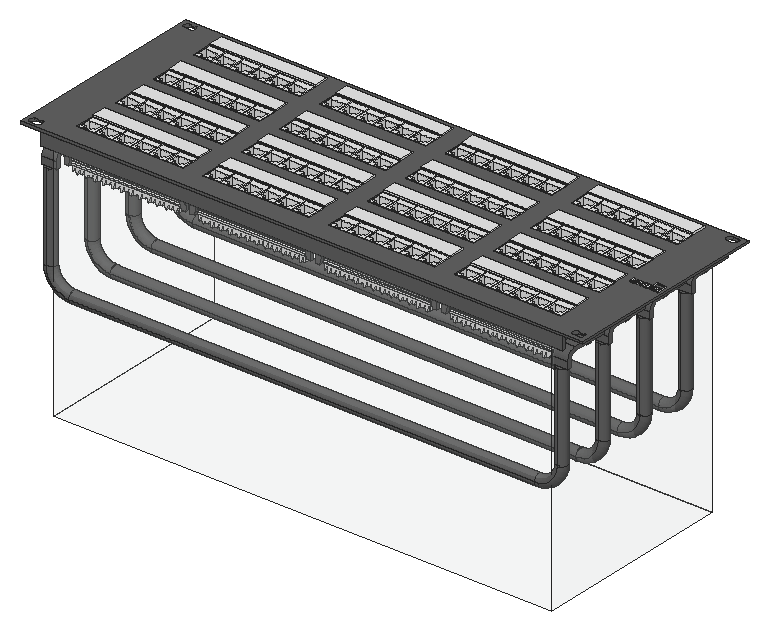
Revit family "Data_Device-Network-Leviton-Patch_Panel-Flat-110_Style", category Data Devices, host Face, Revit 2018 (continued)
Definition of nested family "Data_Device-Network-Leviton-Connector-Copper-110_Style"
  Definition of nested family "Data_Device-Network-Leviton-QuickPort-Connector-Copper"
    Automatic sketch dimensions
      Extrusion 23 sketch curve to plane 19 = 0.05000"
      Extrusion 24 sketch curve to plane 23 = 0.00000"
      Extrusion 24 sketch curve to plane 25 = 0.00000"
      Extrusion 24 sketch curve to plane 24 = 0.00000"
      plane 19 to Extrusion 24 sketch curve = 0.08000"
      Extrusion 24 sketch curve to plane 19 = 0.05000"
      Extrusion 25 sketch curve to plane 23 = 0.00000"
      Extrusion 25 sketch curve to plane 25 = 0.00000"
      Extrusion 25 sketch curve to plane 24 = 0.00000"
      plane 19 to Extrusion 25 sketch curve = 0.08000"
      Extrusion 25 sketch curve to plane 19 = 0.05000"
      Extrusion 26 sketch curve to plane 23 = 0.00000"
      Extrusion 26 sketch curve to plane 25 = 0.00000"
      Extrusion 26 sketch curve to plane 24 = 0.00000"
      plane 19 to Extrusion 26 sketch curve = 0.08000"
      Extrusion 26 sketch curve to plane 19 = 0.05000"
      Extrusion 27 sketch curve to plane 23 = 0.00000"
      Extrusion 27 sketch curve to plane 25 = 0.00000"
      Extrusion 27 sketch curve to plane 24 = 0.00000"
      plane 19 to Extrusion 27 sketch curve = 0.08000"
      Extrusion 27 sketch curve to plane 19 = 0.05000"
      Extrusion 28 sketch curve to plane 23 = 0.00000"
      Extrusion 28 sketch curve to plane 25 = 0.00000"
      Extrusion 28 sketch curve to plane 24 = 0.00000"
      plane 19 to Extrusion 28 sketch curve = 0.08000"
      Extrusion 28 sketch curve to plane 19 = 0.05000"
      Extrusion 29 sketch curve to plane 23 = 0.00000"
      Extrusion 29 sketch curve to plane 25 = 0.00000"
      Extrusion 29 sketch curve to plane 24 = 0.00000"
      plane 19 to Extrusion 29 sketch curve = 0.08000"
      Extrusion 29 sketch curve to plane 19 = 0.05000"
      Extrusion 30 sketch curve to plane 4 "Back" = 0.00000"
      Extrusion 30 sketch curve to plane 23 = 0.00000"
      Extrusion 30 sketch curve to plane 1 "Explode" = 0.07200"
      Extrusion 30 sketch curve to plane 19 = 0.05000"
      Extrusion 33 sketch curve to plane 23 = 0.00000"
      Extrusion 34 sketch curve to plane 17 = 0.05300"
      Extrusion 34 sketch curve to Extrusion 34 sketch curve = 0.11050"
      Extrusion 34 sketch curve to plane 1 "Explode" = 0.02200"
      Extrusion 34 sketch curve to Extrusion 34 sketch curve = 0.04400"  (x2)
      plane 3 "Center (Left/Right)" to Extrusion 34 sketch curve = 0.08000"
      plane 18 to Extrusion 34 sketch curve = 0.05300"
      Extrusion 34 sketch curve to Extrusion 34 sketch curve = 0.05000"  (x2)
      Extrusion 34 sketch curve to Extrusion 34 sketch curve = 0.07800"  (x2)
      plane 20 to Extrusion 34 sketch curve = 0.09650"
      Extrusion 33 sketch curve to plane 4 "Back" = 0.00000"
      Extrusion 16 sketch curve to plane 4 "Back" = 0.00000"
      Extrusion 17 sketch curve to plane 4 "Back" = 0.00000"
      Extrusion 18 sketch curve to plane 4 "Back" = 0.00000"
      Extrusion 19 sketch curve to plane 4 "Back" = 0.00000"
      Extrusion 20 sketch curve to plane 4 "Back" = 0.00000"
      Extrusion 21 sketch curve to plane 4 "Back" = 0.00000"
      Extrusion 22 sketch curve to plane 4 "Back" = 0.00000"
      Extrusion 23 sketch curve to plane 4 "Back" = 0.00000"
      Extrusion 24 sketch curve to plane 4 "Back" = 0.00000"
      Extrusion 25 sketch curve to plane 4 "Back" = 0.00000"
      Extrusion 26 sketch curve to plane 4 "Back" = 0.00000"
      Extrusion 27 sketch curve to plane 4 "Back" = 0.00000"
      Extrusion 28 sketch curve to plane 4 "Back" = 0.00000"
      Extrusion 29 sketch curve to plane 4 "Back" = 0.00000"
      Extrusion 31 sketch curve to plane 1 "Explode" = 0.00000"
      Extrusion 31 sketch curve to plane 4 "Back" = 0.00000"
Definition of nested family "Levinton-Logo"
  Parameters (values of type "Levinton-Logo")
    Height = 0.64500"
    Default Elevation = 48.00000"
  Reference planes (in)
    plane 1 "Center (Front/Back)": y = 0
    plane 2: z = 0
    plane 3 "Center (Left/Right)": x = 0
    plane 4: x = -0.47832
    plane 5: x = 0.47832
    plane 6 "Logo Bottom": z = -0.01563
    plane 7: y = 0.33993
    plane 8: y = 0.16996
  Forms (in)
    Extrusion 1, solid
      sketch origin (0, 0, -0.01563) x (-1, 0, 0) y (0, -1, 0)
        loop
          line (0.37208, -0.04145) -> (0.43368, -0.04145) -> (0.43368, -0.16616) -> (0.47832, -0.16616) -> (0.47832, 0) -> (0.37208, 0) -> (0.37208, -0.04145)
        loop
          line (0.23363, -0.16616) -> (0.35056, -0.16616) -> (0.35056, 0) -> (0.23363, 0) -> (0.23363, -0.04145) -> (0.30592, -0.04145) -> (0.30592, -0.1247) -> (0.23363, -0.1247) -> (0.23363, -0.16616)
        loop
          line (0.2121, -0.16616) -> (0.15875, 0) -> (0.10602, 0) -> (0.05266, -0.16616) -> (0.10037, -0.16616) -> (0.13238, -0.06378) -> (0.1644, -0.16616) -> (0.2121, -0.16616)
        loop
          line (-0.01351, 0) -> (-0.01351, -0.16616) -> (0.03114, -0.16616) -> (0.03114, 0) -> (-0.01351, 0)
        loop
          line (-0.07341, -0.1247) -> (-0.07341, 0) -> (-0.11805, 0) -> (-0.11805, -0.11799) -> (-0.15632, -0.11799) -> (-0.15632, -0.07972)
          arc (-0.15632, -0.07972) -> (-0.17967, -0.02335) -> (-0.23604, 0) r 0.07972
          line (-0.23604, 0) -> (-0.47832, 0) -> (-0.47832, -0.33993) -> (-0.15632, -0.33993) -> (-0.15632, -0.16616) -> (-0.03514, -0.16616) -> (-0.03514, -0.1247) -> (-0.07341, -0.1247)
        loop
          arc (-0.16474, -0.11538) -> (-0.29241, -0.13609) -> (-0.27169, -0.00842) r 0.07972
          line (-0.27169, -0.00842) -> (-0.33821, -0.00842) -> (-0.33821, -0.16616) -> (-0.37422, -0.16616) -> (-0.43368, -0.07972) -> (-0.43368, -0.16616) -> (-0.4699, -0.16616) -> (-0.4699, -0.33151) -> (-0.16474, -0.33151) -> (-0.16474, -0.11538)
        loop
          circle (-0.23604, -0.07972) r 0.03827
        loop
          line (-0.38285, -0.07972) -> (-0.38285, -0.00842) -> (-0.43575, -0.00842) -> (-0.38285, -0.07972)
      from 0 to 0.03125
    Extrusion 2, solid
      sketch origin (0, 0, -0.01563) x (-1, 0, 0) y (0, -1, 0)
        loop
          line (0.25372, -0.07049) -> (0.25372, -0.10238) -> (0.30592, -0.10238) -> (0.30592, -0.07049) -> (0.25372, -0.07049)
      from 0 to 0.03125
  Cuts and joins
    joined: Extrusion 1, Extrusion 2
  Dimensions and locks (in)
    plane 4 to plane 3 "Center (Left/Right)" to plane 5 = 0.47832" locked, 0.47832" locked
    locked: plane 2 to plane 6 "Logo Bottom" at 0.01562
    equal spacing: plane 7, plane 8, plane 1 "Center (Front/Back)"
    locked: plane 7 to plane 1 "Center (Front/Back)" at 0.33993
  Automatic sketch dimensions
    Extrusion 2 sketch curve to plane 8 = 0.06758"
    plane 4 to Extrusion 2 sketch curve = 0.22460"
    Extrusion 2 sketch curve to Extrusion 2 sketch curve = 0.05220"
    Extrusion 2 sketch curve to Extrusion 2 sketch curve = 0.03189"
    Extrusion 1 sketch curve to Extrusion 1 sketch curve = 0.00000"  (x13)
    Extrusion 1 sketch curve to plane 5 = 0.00000"
    plane 1 "Center (Front/Back)" to Extrusion 1 sketch curve = 0.00000"  (x6)
    Extrusion 1 sketch curve to plane 7 = 0.00000"
    Extrusion 1 sketch curve to plane 4 = 0.00000"
    Extrusion 1 sketch curve to plane 8 = 0.00381"  (x8)
    Extrusion 1 sketch curve to plane 5 = 0.00842"
    Extrusion 1 sketch curve to plane 1 "Center (Front/Back)" = 0.00842"  (x2)
    Extrusion 1 sketch curve to plane 5 = 0.04257"
    Extrusion 1 sketch curve to Extrusion 1 sketch curve = 0.03622"
    Extrusion 1 sketch curve to Extrusion 1 sketch curve = 0.05083"
    Extrusion 1 sketch curve to Extrusion 1 sketch curve = 0.05946"
    Extrusion 1 sketch curve to Extrusion 1 sketch curve = 0.03602"
    Extrusion 1 sketch curve to Extrusion 1 sketch curve = 0.06651"
    Extrusion 1 sketch curve to Extrusion 1 sketch curve = 0.03566"
    Extrusion 1 sketch curve to plane 7 = 0.00842"
    plane 3 "Center (Left/Right)" to Extrusion 1 sketch curve = 0.16474"
    Extrusion 1 sketch curve to Extrusion 1 sketch curve = 0.00842"  (x2)
    Extrusion 1 sketch curve to Extrusion 1 sketch curve = 0.03827"  (x2)
    Extrusion 1 sketch curve to Extrusion 1 sketch curve = 0.04464"  (x2)
    plane 3 "Center (Left/Right)" to Extrusion 1 sketch curve = 0.03514"
    plane 3 "Center (Left/Right)" to Extrusion 1 sketch curve = 0.01351"
    Extrusion 1 sketch curve to plane 3 "Center (Left/Right)" = 0.03114"
    Extrusion 1 sketch curve to Extrusion 1 sketch curve = 0.02152"  (x3)
    Extrusion 1 sketch curve to Extrusion 1 sketch curve = 0.04771"  (x2)
    Extrusion 1 sketch curve to Extrusion 1 sketch curve = 0.07488"  (x2)
    Extrusion 1 sketch curve to plane 1 "Center (Front/Back)" = 0.06378"
    Extrusion 1 sketch curve to Extrusion 1 sketch curve = 0.02636"
    Extrusion 1 sketch curve to Extrusion 1 sketch curve = 0.05273"
    Extrusion 1 sketch curve to Extrusion 1 sketch curve = 0.06403"
    Extrusion 1 sketch curve to Extrusion 1 sketch curve = 0.07229"
    plane 4 to Extrusion 1 sketch curve = 0.04464"
    Extrusion 1 sketch curve to Extrusion 1 sketch curve = 0.04145"
    Extrusion 1 sketch curve to plane 8 = 0.04526"
    Extrusion 1 sketch curve to Extrusion 1 sketch curve = 0.00261"
    Extrusion 1 sketch curve to Extrusion 1 sketch curve = 0.07130"
    Extrusion 1 sketch curve to plane 1 "Center (Front/Back)" = 0.04145"  (x2)
Definition of nested family "Cable Management Bar"
  Parameters (values of type "Cable Management Bar")
    z Tube Bar [instance] = Height = 4.25000"  # yes
    z Support Width [instance] = if(Height = 4.25000", 0.50000", 0.37500")  # 0.50000"
    z Rectagular Bar [instance] = not(z Tube Bar)  # no
    Width = 17.25000"  # constant formula
    Manufacturer = "Leviton"  # constant formula
    Height [instance] = 4.25000"
    Default Elevation = 48.00000"
  Reference planes (in)
    plane 1 "Center (Front/Back)": y = 0
    plane 2: z = 0
    plane 3 "Center (Left/Right)": x = 0
    plane 4: z = -4.25
    plane 5: x = -8.625
    plane 6: x = 8.625
    plane 7: z = -0.56
    plane 8: x = -8.875
    plane 9: x = -8.375
    plane 10: x = 8.875
    plane 11: x = 8.375
    plane 12: y = -0.06226
    plane 13: y = 0.06226
    plane 14: y = 1.45
  Forms (in)
    Sweep 1, solid, visible <- "z Tube Bar"
      path origin (0, 0, 0) x (1, 0, 0) y (0, 0, 1)
        loop
          line (-8.625, -0.56) -> (-8.625, -3.487)
          arc (-8.625, -3.487) -> (-8.40152, -4.02652) -> (-7.862, -4.25) r 0.763
          line (-7.862, -4.25) -> (7.862, -4.25)
          arc (7.862, -4.25) -> (8.40152, -4.02652) -> (8.625, -3.487) r 0.763
          line (8.625, -3.487) -> (8.625, -0.56)
      profile origin (-8.625, 0, -2.0235) x (0, -1, 0) y (1, 0, 0)
        loop
          circle (0, 0) r 0.19
    Extrusion 2, solid
      sketch origin (0, 0, 0) x (0, 1, 0) y (0, 0, 1)
        loop
          line (1.45, 0) -> (0.24974, 0)
          arc (0.24974, 0) -> (0.02912, -0.09138) -> (-0.06226, -0.312) r 0.312
          line (-0.06226, -0.312) -> (-0.06226, -0.56) -> (0.06274, -0.56) -> (0.06274, -0.312)
          arc (0.06274, -0.312) -> (0.11751, -0.17977) -> (0.24974, -0.125) r 0.187
          line (0.24974, -0.125) -> (1.45, -0.125) -> (1.45, 0)
      from -8.875 to 8.875
    Extrusion 3, void
      sketch origin (0, 0, 0) x (1, 0, 0) y (0, 1, 0)
        loop
          line (-8.375, 1.8) -> (-8.375, -0.5) -> (8.375, -0.5) -> (8.375, 1.8) -> (-8.375, 1.8)
      from 0 to -0.56
    Extrusion 4, solid, visible <- "z Rectagular Bar"
      sketch origin (0, 0, 0) x (1, 0, 0) y (0, 0, 1)
        loop
          line (-8.875, -0.56) -> (-8.875, -4.5) -> (8.875, -4.5) -> (8.875, -0.56) -> (8.375, -0.56) -> (8.375, -4) -> (-8.375, -4) -> (-8.375, -0.56) -> (-8.875, -0.56)
      from -0.06226 to 0.06226
  Cuts and joins
    Extrusion 3 cuts Extrusion 2
  Dimensions and locks (in)
    "Height": plane 2 to plane 4
    equal spacing: plane 6, plane 3 "Center (Left/Right)", plane 5
    "Width": plane 6 to plane 5
    locked: plane 2 to plane 7 at 0.56
    Extrusion 3 sketch curve to plane 1 "Center (Front/Back)" to Extrusion 3 sketch curve = 0.50000" locked, 1.80000" locked
    equal spacing: plane 9, plane 5, plane 8
    "z Support Width": plane 9 to plane 8
    equal spacing: plane 11, plane 6, plane 10
    "z Support Width": plane 11 to plane 10
    equal spacing: plane 13, plane 1 "Center (Front/Back)", plane 12
    locked: plane 13 to plane 12 at 0.12452
    equal spacing: Extrusion 4 sketch curve, plane 4, Extrusion 4 sketch curve
    locked: Extrusion 4 sketch curve to Extrusion 4 sketch curve at 0.5
    plane 14 to plane 1 "Center (Front/Back)" = 1.45000"
    diameter of Sweep 1 sketch curve = 0.38000"
    aligned and locked: plane 2 to level
    aligned and locked: plane 7 to Sweep 1 sketch curve  (x2)
    aligned and locked: plane 5 to Sweep 1 sketch curve
    aligned and locked: plane 1 "Center (Front/Back)" to Sweep 1 sketch curve
    aligned and locked: plane 2 to Extrusion 2 sketch curve
    aligned and locked: plane 7 to Extrusion 2 sketch curve
    aligned and locked: Extrusion 2 to plane 8
    aligned and locked: Extrusion 2 to plane 10
    aligned and locked: Extrusion 3 to plane 7
    aligned and locked: Extrusion 4 sketch curve to plane 8
    aligned and locked: Extrusion 4 sketch curve to plane 9
    aligned and locked: plane 11 to Extrusion 4 sketch curve
    aligned and locked: plane 10 to Extrusion 4 sketch curve
    aligned and locked: Extrusion 4 sketch curve to plane 7  (x2)
    aligned and locked: Extrusion 4 to plane 13
    aligned and locked: plane 12 to Extrusion 4
    aligned and locked: cut or joined group of Extrusion 2, Extrusion 3 to plane 14
  Automatic sketch dimensions
    Sweep 1 sketch curve to plane 5 = 0.00000"
    Sweep 1 sketch curve to plane 4 = 0.00000"
    Sweep 1 sketch curve to plane 6 = 0.00000"
    plane 5 to Sweep 1 sketch curve = 0.76300"
    Sweep 1 sketch curve to Sweep 1 sketch curve = 0.76300"
    Extrusion 2 sketch curve to Extrusion 2 sketch curve = 0.00000"  (x2)
    Extrusion 2 sketch curve to plane 1 "Center (Front/Back)" = 0.06274"
    Extrusion 2 sketch curve to plane 1 "Center (Front/Back)" = 0.24974"
    Extrusion 2 sketch curve to Extrusion 2 sketch curve = 1.20026"
    plane 1 "Center (Front/Back)" to Extrusion 2 sketch curve = 0.06226"
    Extrusion 3 sketch curve to plane 9 = 0.00000"
    Extrusion 3 sketch curve to plane 11 = 0.00000"
Definition of nested family "Back Connection"
  Parameters (values of type "Back Connection")
    Width = 4.20000"
    Manufacturer = "Leviton"
    Depth [instance] = 0.56540"
    Default Elevation = 48.00000"
  Reference planes (in)
    plane 1 "Center (Front/Back)": y = 0
    plane 2: z = 0
    plane 3 "Center (Left/Right)": x = 0
    plane 4: x = -2.1
    plane 5: x = 2.1
    plane 6: x = -1.8
    plane 7: x = 1.8
    plane 8: y = 0.81
    plane 9: y = -0.69
    plane 10: z = 0.5654
    plane 11: x = -2.04234
    plane 12: x = 2.04234
  Forms (in)
    Extrusion 1, solid
      sketch origin (0, 0, 0) x (0, 1, 0) y (0, 0, 1)
        loop
          line (0.81, -0.062) -> (0.81, 0) -> (-0.69, 0) -> (-0.69, -0.062) -> (-0.56498, -0.062) -> (-0.56498, -0.28278) -> (-0.52848, -0.346) -> (-0.56498, -0.3825) -> (-0.56498, -0.43356) -> (-0.52998, -0.441) -> (-0.52998, -0.696) -> (-0.35998, -0.696) -> (-0.35998, -0.441) -> (-0.32498, -0.43356) -> (-0.32498, -0.3825) -> (-0.36148, -0.346) -> (-0.32498, -0.28278) -> (-0.32498, -0.062) -> (0.48502, -0.062) -> (0.48502, -0.28278) -> (0.52152, -0.346) -> (0.48502, -0.3825) -> (0.48502, -0.43356) -> (0.52002, -0.441) -> (0.52002, -0.696) -> (0.69002, -0.696) -> (0.69002, -0.441) -> (0.72502, -0.43356) -> (0.72502, -0.3825) -> (0.68852, -0.346) -> (0.72502, -0.28278) -> (0.72502, -0.062) -> (0.81, -0.062)
      from -2.1 to 2.1
    Extrusion 2, void
      sketch origin (0, 0, 0) x (1, 0, 0) y (0, 0, 1)
        loop
          line (-2.1, -0.062) -> (-2.1, -0.696) -> (-1.8, -0.696) -> (-1.8, -0.062) -> (-2.1, -0.062)
        loop
          line (2.1, -0.062) -> (1.8, -0.062) -> (1.8, -0.696) -> (2.1, -0.696) -> (2.1, -0.062)
      from -0.81 to 0.69
    Extrusion 3, solid
      sketch origin (0, 0, 0) x (0, 1, 0) y (0, 0, 1)
        loop
          line (-0.47675, 0) -> (-0.46974, 0.13378) -> (0.37974, 0.13378) -> (0.38675, 0) -> (0.62325, 0) -> (0.65288, 0.5654) -> (-0.64329, 0.5654) -> (-0.61329, 0) -> (-0.47675, 0)
        loop
          line (0.39, -0.062) -> (0.41295, -0.5) -> (0.59705, -0.5) -> (0.62, -0.062) -> (0.39, -0.062)
        loop
          line (-0.50324, -0.5) -> (-0.48, -0.062) -> (-0.61, -0.062) -> (-0.58676, -0.5) -> (-0.50324, -0.5)
      from -2.04234 to 2.04234
    Extrusion 4, void
      sketch origin (0, 0, 0) x (1, 0, 0) y (0, 0, 1)
        loop
          line (-1.95882, -0.7) -> (1.95882, -0.7) -> (1.8, -0.10448) -> (1.8, 0.5654) -> (-1.8, 0.5654) -> (-1.8, -0.10448) -> (-1.95882, -0.7)
      from -0.81 to 0.69
    Extrusion 5, void
      sketch origin (0, 0, 0) x (1, 0, 0) y (0, 0, 1)
        loop
          line (-1.57796, -0.5454) -> (-1.65305, -0.7762) -> (-1.72804, -0.54509) -> (-1.7592, -0.641) -> (-1.8, -0.641) -> (-1.8, -0.841) -> (1.8, -0.841) -> (1.8, -0.641) -> (1.7592, -0.641) -> (1.72804, -0.54509) -> (1.65305, -0.7762) -> (1.57796, -0.5454) -> (1.5469, -0.641) -> (1.45904, -0.641) -> (1.42798, -0.5454) -> (1.35289, -0.7762) -> (1.2779, -0.54509) -> (1.24674, -0.641) -> (1.15888, -0.641) -> (1.12782, -0.5454) -> (1.05273, -0.7762) -> (0.97774, -0.54509) -> (0.94657, -0.641) -> (0.85872, -0.641) -> (0.82766, -0.5454) -> (0.75256, -0.7762) -> (0.67757, -0.54509) -> (0.64641, -0.641) -> (0.55855, -0.641) -> (0.52749, -0.5454) -> (0.4524, -0.7762) -> (0.37741, -0.54509) -> (0.34625, -0.641) -> (0.25839, -0.641) -> (0.22733, -0.5454) -> (0.15224, -0.7762) -> (0.07725, -0.54509) -> (0.04609, -0.641) -> (-0.04609, -0.641) -> (-0.07725, -0.54509) -> (-0.15224, -0.7762) -> (-0.22733, -0.5454) -> (-0.25839, -0.641) -> (-0.34625, -0.641) -> (-0.37741, -0.54509) -> (-0.4524, -0.7762) -> (-0.52749, -0.5454) -> (-0.55855, -0.641) -> (-0.64641, -0.641) -> (-0.67757, -0.54509) -> (-0.75256, -0.7762) -> (-0.82766, -0.5454) -> (-0.85872, -0.641) -> (-0.94657, -0.641) -> (-0.97774, -0.54509) -> (-1.05273, -0.7762) -> (-1.12782, -0.5454) -> (-1.15888, -0.641) -> (-1.24674, -0.641) -> (-1.2779, -0.54509) -> (-1.35289, -0.7762) -> (-1.42798, -0.5454) -> (-1.45904, -0.641) -> (-1.5469, -0.641) -> (-1.57796, -0.5454)
      from -0.81 to 0.69
  Cuts and joins
    Extrusion 2, Extrusion 5 cuts Extrusion 1
    Extrusion 4 cuts Extrusion 3
  Dimensions and locks (in)
    equal spacing: plane 5, plane 3 "Center (Left/Right)", plane 4
    "Width": plane 5 to plane 4
    locked: plane 6 to plane 4 at 0.3
    locked: plane 5 to plane 7 at 0.3
    plane 8 to plane 1 "Center (Front/Back)" to plane 9 = 0.81000" locked, 0.69000" locked
    "Depth": plane 10 to plane 2
    locked: plane 2 to Extrusion 3 sketch curve at 0.5
    locked: plane 2 to Extrusion 3 sketch curve at 0.13378
    locked: plane 11 to plane 4 at 0.05766
    locked: plane 12 to plane 5 at 0.05766
    locked: plane 2 to Extrusion 4 sketch curve at 0.7
    locked: Extrusion 5 sketch curve to Extrusion 5 sketch curve at 0.2
    aligned and locked: plane 2 to level
    aligned and locked: Extrusion 1 to plane 4
    aligned and locked: plane 5 to Extrusion 1
    aligned and locked: Extrusion 2 sketch curve to Extrusion 1
    aligned and locked: Extrusion 2 sketch curve to plane 6
    aligned and locked: Extrusion 2 sketch curve to plane 4
    aligned and locked: Extrusion 2 sketch curve to plane 5
    aligned and locked: Extrusion 2 sketch curve to plane 7
    aligned and locked: Extrusion 1 to Extrusion 2 sketch curve
    aligned and locked: Extrusion 1 to Extrusion 2
    aligned and locked: Extrusion 2 to Extrusion 1
    aligned and locked: plane 2 to Extrusion 3 sketch curve  (x2)
    aligned and locked: cut or joined group of Extrusion 1, Extrusion 2, Extrusion 5 to Extrusion 3 sketch curve  (x2)
    aligned and locked: plane 10 to Extrusion 3 sketch curve
    aligned and locked: Extrusion 3 sketch curve to Extrusion 3 sketch curve
    aligned and locked: Extrusion 3 to plane 11
    aligned and locked: Extrusion 3 to plane 12
    aligned and locked: Extrusion 4 sketch curve to plane 6
    aligned and locked: Extrusion 4 sketch curve to plane 7
    aligned and locked: Extrusion 4 sketch curve to plane 10
    aligned and locked: Extrusion 4 to cut or joined group of Extrusion 1, Extrusion 2, Extrusion 5
    aligned and locked: plane 9 to Extrusion 4
    aligned and locked: Extrusion 5 sketch curve to plane 6
    aligned and locked: Extrusion 5 sketch curve to plane 7
    aligned and locked: cut or joined group of Extrusion 1, Extrusion 2, Extrusion 5 to Extrusion 5
    aligned and locked: Extrusion 5 to cut or joined group of Extrusion 1, Extrusion 2, Extrusion 5
  Automatic sketch dimensions
    Extrusion 1 sketch curve to level = 0.00000"
    Extrusion 1 sketch curve to level = 0.06200"  (x3)
    plane 1 "Center (Front/Back)" to Extrusion 1 sketch curve = 0.69000"
    Extrusion 1 sketch curve to Extrusion 1 sketch curve = 0.12502"
    Extrusion 1 sketch curve to Extrusion 1 sketch curve = 0.00000"  (x4)
    Extrusion 1 sketch curve to Extrusion 1 sketch curve = 0.03500"  (x3)
    Extrusion 1 sketch curve to Extrusion 1 sketch curve = 0.03650"  (x9)
    Extrusion 1 sketch curve to Extrusion 1 sketch curve = 0.16700"  (x2)
    Extrusion 1 sketch curve to Extrusion 1 sketch curve = 0.00150"  (x2)
    Extrusion 1 sketch curve to plane 1 "Center (Front/Back)" = 0.48502"
    Extrusion 1 sketch curve to level = 0.28278"
    Extrusion 1 sketch curve to Extrusion 1 sketch curve = 0.08498"
    Extrusion 1 sketch curve to Extrusion 1 sketch curve = 0.22078"
    Extrusion 1 sketch curve to Extrusion 1 sketch curve = 0.06322"  (x4)
    Extrusion 1 sketch curve to Extrusion 1 sketch curve = 0.05106"  (x4)
    Extrusion 1 sketch curve to Extrusion 1 sketch curve = 0.00744"  (x4)
    Extrusion 1 sketch curve to Extrusion 1 sketch curve = 0.25500"  (x2)
    Extrusion 2 sketch curve to Extrusion 2 sketch curve = 0.00000"  (x2)
    Extrusion 3 sketch curve to Extrusion 3 sketch curve = 0.00329"
    Extrusion 3 sketch curve to Extrusion 3 sketch curve = 0.13000"
    Extrusion 3 sketch curve to Extrusion 3 sketch curve = 0.00325"  (x3)
    Extrusion 3 sketch curve to Extrusion 3 sketch curve = 0.00701"  (x2)
    Extrusion 3 sketch curve to Extrusion 3 sketch curve = 0.24351"
    plane 8 to Extrusion 3 sketch curve = 0.39705"
    Extrusion 3 sketch curve to Extrusion 3 sketch curve = 0.18409"
    Extrusion 3 sketch curve to plane 9 = 0.10324"
    Extrusion 3 sketch curve to Extrusion 3 sketch curve = 0.08352"
    Extrusion 3 sketch curve to plane 9 = 0.08000"
    Extrusion 3 sketch curve to plane 9 = 0.04671"
    plane 4 to Extrusion 4 sketch curve = 0.14118"
    plane 12 to Extrusion 4 sketch curve = 0.08352"
    Extrusion 4 sketch curve to level = 0.10448"  (x2)
    plane 6 to Extrusion 5 sketch curve = 0.04080"
    plane 6 to Extrusion 5 sketch curve = 0.07196"
    plane 6 to Extrusion 5 sketch curve = 0.14695"
    Extrusion 5 sketch curve to Extrusion 5 sketch curve = 0.15008"  (x10)
    Extrusion 5 sketch curve to Extrusion 5 sketch curve = 0.03106"  (x12)
    Extrusion 5 sketch curve to Extrusion 5 sketch curve = 0.08786"  (x10)
    Extrusion 5 sketch curve to Extrusion 5 sketch curve = 0.10615"  (x8)
    Extrusion 5 sketch curve to Extrusion 5 sketch curve = 0.03116"  (x8)
    Extrusion 5 sketch curve to plane 3 "Center (Left/Right)" = 0.15224"
    Extrusion 5 sketch curve to plane 3 "Center (Left/Right)" = 0.07725"
    Extrusion 5 sketch curve to plane 3 "Center (Left/Right)" = 0.04609"
    plane 3 "Center (Left/Right)" to Extrusion 5 sketch curve = 0.04609"
    plane 3 "Center (Left/Right)" to Extrusion 5 sketch curve = 0.07725"
    plane 3 "Center (Left/Right)" to Extrusion 5 sketch curve = 0.15224"
    Extrusion 5 sketch curve to plane 7 = 0.14695"
    Extrusion 5 sketch curve to plane 7 = 0.07196"
    Extrusion 5 sketch curve to plane 7 = 0.04080"
    Extrusion 5 sketch curve to level = 0.77620"
    Extrusion 5 sketch curve to Extrusion 5 sketch curve = 0.00000"  (x10)
    Extrusion 5 sketch curve to Extrusion 5 sketch curve = 0.13520"  (x13)
    Extrusion 5 sketch curve to Extrusion 5 sketch curve = 0.09560"  (x12)
    Extrusion 5 sketch curve to Extrusion 5 sketch curve = 0.09591"  (x12)
    Extrusion 5 sketch curve to Extrusion 5 sketch curve = 0.20000"
    Extrusion 3 sketch curve to plane 1 "Center (Front/Back)" = 0.37974"
    plane 8 to Extrusion 3 sketch curve = 0.15712"
Definition of nested family "Symbol"
  Parameters
    Tel Data = no
    Phone = no
    Data = yes
  Reference planes (in)
    plane 1: y = 0
    plane 2: x = 0
  Lines and regions (in)
    Filled region 1, type "Solid Black", visible <- "Tel Data"
      outline origin (0, 0, 0) x (1, 0, 0) y (0, 1, 0)
        loop
          line (0, 0) -> (0.0654, 0.11328) -> (0, 0.11328) -> (0, 0)
    Filled region 2, type "Solid Black", visible <- "Phone"
      outline origin (0, 0, 0) x (1, 0, 0) y (0, 1, 0)
        loop
          line (0, 0) -> (0.0654, 0.11328) -> (-0.0654, 0.11328) -> (0, 0)
    Filled region 3, type "White", visible <- "Data"
      outline origin (0, 0, 0) x (1, 0, 0) y (0, 1, 0)
        loop
          line (0, 0) -> (0.0654, 0.11328) -> (-0.0654, 0.11328) -> (0, 0)
    Filled region 4, type "White", visible <- "Tel Data"
      outline origin (0, 0, 0) x (1, 0, 0) y (0, 1, 0)
        loop
          line (0, 0.11328) -> (-0.0654, 0.11328) -> (0, 0) -> (0, 0.11328)
Definition of nested family "Levinton-Numbers"
  Parameters (values of type "Levinton-Numbers")
    Numbers 73 to 96 [instance] = yes
    Numbers 49 to 72 [instance] = yes
    Numbers 25 to 48 [instance] = yes
    Numbers 1 to 24 [instance] = yes
    Numbers 1 to 12 [instance] = yes
    Default Elevation = 48.00000"
  Reference planes (in)
    plane 1 "Center (Front/Back)": y = 0
    plane 2: z = 0
    plane 3 "Center (Left/Right)": x = 0
    plane 4: y = 0.32496
    plane 5: y = 0.16248
  Dimensions and locks (in)
    plane 1 "Center (Front/Back)" to plane 4 = 0.32496"
    equal spacing: plane 1 "Center (Front/Back)", plane 5, plane 4
    aligned and locked: level to plane 2
